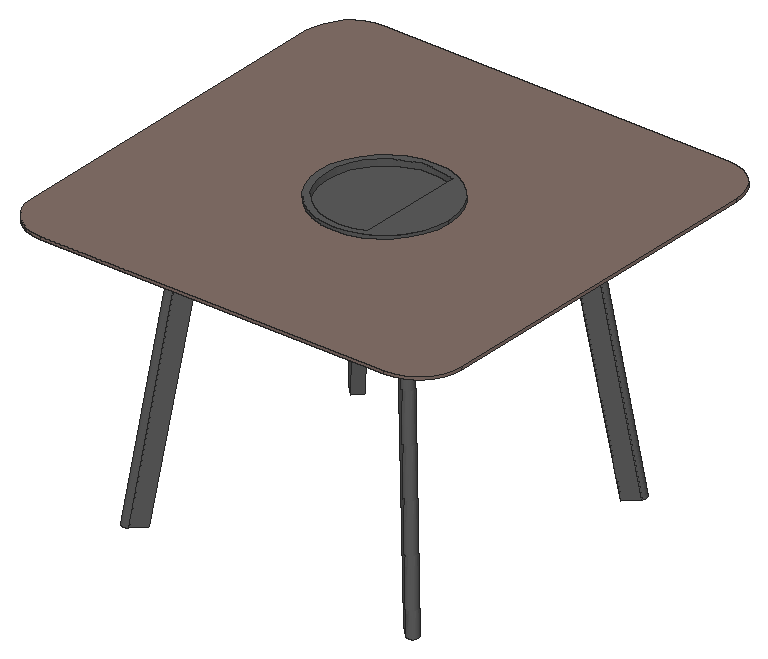
Revit family "Haworth_Immerse_SingleTable_Square", category Furniture Systems, Revit 2018
Family settings
  Round Connector Dimension = Use Diameter
  Part Type = Normal
  OmniClass Number = 23.40.70.14.64.21
  OmniClass Title = Systems Furniture
  Work Plane-Based = No
  Always vertical = Yes
  Cut with Voids When Loaded = No
  Shared = No
  Room Calculation Point = No
Parameters (values of type "60w 39h - Round Planter")
  Warranty = "http://www.haworth.com/resources/product-info/warranties"
  Void Diameter = 17.66"
  Void Baseline Height = 18"  # constant formula
  Understucture Thickness = 1 69/128"  # constant formula
  Understuctuer Bottom = Actual Height - 2 35/64"  # 36 29/64"
  Understructure Width = Actual Depth - (Understructure Inset * 2)  # 28 79/128"
  Understructure Inset = 15 177/256"  # constant formula
  Understructure Finish [instance] = Haworth _ Paint _ Black
  URL - Product = "http://www.haworth.com/products/tables/collaborative/immerse"
  Top Finish [instance] = Haworth _ Wood _ Walnut
  Standard Height = "29, 36, 39 in."  # constant formula
  Standard Diameter = "48, 60 in."  # constant formula
  Small = no
  Size = "Verify Final Dim w/ Haworth"  # constant formula
  Round Planter Void Height = if(and(Round Planter, Large), 24", 6")  # 24"
  Round Planter Actual = and(Round Planter, Large)  # yes
  Round Planter = yes
  Planter Finish [instance] = Haworth _ Paint _ Black
  Note = "Planter only available on 60\"w option"  # constant formula
  Model = "THRQ-6060"
  URL = "https://www.haworth.com/na/en.html"
  Revision Number = "1"  # constant formula
  Manufacturer = "Haworth"  # constant formula
  Leg Finish [instance] = Haworth _ Wood _ Ink On Ash
  Large = not(Small)  # yes
  Edge Offset = 2"  # constant formula
  Description = "Haworth Immerse Single Table Square - 60w 39h - Round Planter"
  Blend Bottom Diameter = Actual Depth - 4"  # 56"
  Author = "Haworth (Bentzen)"  # constant formula
  Assembly Code = "E2020200"
  Actual Height = if([39 in. Height], 39", if([36 in. Height], 36", 29"))  # 39"
  Actual Depth = if(Small, 48", 60")  # 60"
  39 in. Height = not(or([29 in. Height], [36 in. Height]))  # yes
  36 in. Height = no
  29 in. Height = no
Types (7): name | Understuctuer Bottom | Understructure Width | Small | Round Planter Void Height | Round Planter Actual | Round Planter | Model | Large | Description | Blend Bottom Diameter | Actual Height | Actual Depth | 39 in. Height | 36 in. Height | 29 in. Height
  (no name) | 36 29/64" | 28 79/128" | no | 24" | yes | yes | "THRQ-6060" | yes | "Haworth Immerse Single Table Square - 60w 39h - Round Planter" | 56" | 39" | 60" | yes | no | no
  48w 29h - No Planter | 26 29/64" | 16 79/128" | yes | 6" | no | no | "THRQ-4848" | no | "Haworth Immerse Single Table Square - 48w 29h - No Planter" | 44" | 29" | 48" | no | no | yes
  48w 36h - No Planter | 33 29/64" | 16 79/128" | yes | 6" | no | no | "THRQ-4848" | no | "Haworth Immerse Single Table Square - 48w 36h - No Planter" | 44" | 36" | 48" | no | yes | no
  48w 39h - No Planter | 36 29/64" | 16 79/128" | yes | 6" | no | no | "THRQ-4848" | no | "Haworth Immerse Single Table Square - 48w 39h - No Planter" | 44" | 39" | 48" | yes | no | no
  60w 29h - Round Planter | 26 29/64" | 28 79/128" | no | 24" | yes | yes | "THRQ-6060" | yes | "Haworth Immerse Single Table Square - 60w 29h - Round Planter" | 56" | 29" | 60" | no | no | yes
  60w 36h - Round Planter | 33 29/64" | 28 79/128" | no | 24" | yes | yes | "THRQ-6060" | yes | "Haworth Immerse Single Table Square - 60w 36h - Round Planter" | 56" | 36" | 60" | no | yes | no
  60w 39h - Round Planter | 36 29/64" | 28 79/128" | no | 24" | yes | yes | "THRQ-6060" | yes | "Haworth Immerse Single Table Square - 60w 39h - Round Planter" | 56" | 39" | 60" | yes | no | no
Reference planes (in)
  plane 1 "Center F/B": y = 18.84134
  plane 2 "Floor": z = 0
  plane 3 "Center L/R": x = -1.5
  plane 4 "Table Edge Left": x = -31.5
  plane 5 "Table Edge Right": x = 28.5
  plane 6 "Table Edge Front": y = -11.15866
  plane 7 "Table Edge Back": y = 48.84134
  plane 8 "Round Top": z = 39
  plane 9 "Round Mid": z = 38.62445
  plane 10 "Round Bottom": z = 37.81195
  plane 11 "Void Bottom": z = 18
  plane 12 "Upper Void Top": z = 42
  plane 13 "Understructure Bottom": z = 35.26446
  plane 14: x = -15.80859
  plane 15: y = 4.53275
  plane 16: x = 12.80859
  plane 17: y = 33.14993
  plane 18: x = -29.5
  plane 19: x = 26.5
  plane 20: y = 46.84134
  plane 21: y = -9.15866
Forms (in)
  Extrusion 1, solid, material "Haworth _ Wood _ Walnut" <- "Top Finish"
    sketch origin (136.55833, 98.8321, 29.12443) x (0, -1, 0) y (1, 0, 0)
      loop
        arc (49.99076, -162.05833) -> (51.74812, -166.30097) -> (55.99076, -168.05833) r 6
        line (55.99076, -168.05833) -> (103.99076, -168.05833)
        arc (103.99076, -168.05833) -> (108.2334, -166.30097) -> (109.99076, -162.05833) r 6
        line (109.99076, -162.05833) -> (109.99076, -114.05833)
        arc (109.99076, -114.05833) -> (108.2334, -109.81569) -> (103.99076, -108.05833) r 6
        line (103.99076, -108.05833) -> (55.99076, -108.05833)
        arc (55.99076, -108.05833) -> (51.74812, -109.81569) -> (49.99076, -114.05833) r 6
        line (49.99076, -114.05833) -> (49.99076, -162.05833)
    from 9.50002 to 9.87557
  Blend 2, solid, material "Haworth _ Wood _ Walnut" <- "Top Finish"
    base sketch origin (0, 0, 0) x (1, 0, 0) y (0, 1, 0)
      loop
        arc (-25.5, 46.84134) -> (-28.32843, 45.66977) -> (-29.5, 42.84134) r 4
        line (-29.5, 42.84134) -> (-29.5, -5.15866)
        arc (-29.5, -5.15866) -> (-28.32843, -7.98709) -> (-25.5, -9.15866) r 4
        line (-25.5, -9.15866) -> (22.5, -9.15866)
        arc (22.5, -9.15866) -> (25.32843, -7.98709) -> (26.5, -5.15866) r 4
        line (26.5, -5.15866) -> (26.5, 42.84134)
        arc (26.5, 42.84134) -> (25.32843, 45.66977) -> (22.5, 46.84134) r 4
        line (22.5, 46.84134) -> (-25.5, 46.84134)
    top sketch origin (0, 0, 0) x (1, 0, 0) y (0, 1, 0)
      loop
        arc (-25.5, 48.84134) -> (-29.74264, 47.08398) -> (-31.5, 42.84134) r 6
        line (-31.5, 42.84134) -> (-31.5, -5.15866)
        arc (-31.5, -5.15866) -> (-29.74264, -9.4013) -> (-25.5, -11.15866) r 6
        line (-25.5, -11.15866) -> (22.5, -11.15866)
        arc (22.5, -11.15866) -> (26.74264, -9.4013) -> (28.5, -5.15866) r 6
        line (28.5, -5.15866) -> (28.5, 42.84134)
        arc (28.5, 42.84134) -> (26.74264, 47.08398) -> (22.5, 48.84134) r 6
        line (22.5, 48.84134) -> (-25.5, 48.84134)
    from 37.81195 to 38.62445
  Extrusion 3, solid, material "Haworth _ Paint _ Black" <- "Understructure Finish"
    sketch origin (-105.91453, 59.76073, 0) x (-1, 0, 0) y (0, -1, 0)
      loop
        line (-118.72312, 28.14985) -> (-117.18406, 28.14985) -> (-117.18406, 55.22798) -> (-118.72312, 55.22798) -> (-118.72312, 28.14985)
    from 35.26446 to 37.81195
  Extrusion 4, solid, material "Haworth _ Paint _ Black" <- "Understructure Finish"
    sketch origin (39.41939, -85.57319, 0) x (0, -1, 0) y (1, 0, 0)
      loop
        line (-118.72312, -26.61079) -> (-118.72312, -55.22798) -> (-117.18406, -55.22798) -> (-117.18406, -26.61079) -> (-118.72312, -26.61079)
    from 35.26446 to 37.81195
  Extrusion 5, solid, material "Haworth _ Paint _ Black" <- "Understructure Finish"
    sketch origin (-34.61079, 112.5254, 0) x (0, 1, 0) y (-1, 0, 0)
      loop
        line (-107.99266, -18.8022) -> (-107.99266, -47.41939) -> (-106.45359, -47.41939) -> (-106.45359, -18.8022) -> (-107.99266, -18.8022)
    from 35.26446 to 37.81195
  Extrusion 6, solid, material "Haworth _ Paint _ Black" <- "Understructure Finish"
    sketch origin (102.91453, 59.76073, 0) x (1, 0, 0) y (0, 1, 0)
      loop
        line (-118.72312, -28.14985) -> (-118.72312, -53.68892) -> (-117.18406, -53.68892) -> (-117.18406, -28.14985) -> (-118.72312, -28.14985)
    from 35.26446 to 37.81195
  Extrusion 7, void
    sketch origin (-2.94144, 43.49318, 18) x (1, 0, 0) y (0, 1, 0)
      loop
        line (5.61887, -32.52387) -> (5.61887, -29.65184) -> (8.9046, -29.65184)
        arc (8.9046, -29.65184) -> (10.33, -24.84134) -> (8.9046, -20.03084) r 8.83
        line (8.9046, -20.03084) -> (5.61887, -20.03084) -> (5.61887, -16.7798)
        arc (5.61887, -16.7798) -> (-7.21113, -24.65184) -> (5.61887, -32.52387) r 8.83
    from 0 to 24
Cuts and joins
  Extrusion 7 cuts Extrusion 1
  Extrusion 7 cuts Blend 2
  joined: Extrusion 3, Extrusion 4, Extrusion 5, Extrusion 6
Lines and regions (in)
  Masking region 1
    outline origin (3.02956, -0.91252, 0) x (1, 0, 0) y (0, 1, 0)
      loop
        arc (-28.52956, 49.75386) -> (-32.7722, 47.99651) -> (-34.52956, 43.75386) r 6
        line (-34.52956, 43.75386) -> (-34.52956, -4.24614)
        arc (-34.52956, -4.24614) -> (-32.7722, -8.48878) -> (-28.52956, -10.24614) r 6
        line (-28.52956, -10.24614) -> (19.47044, -10.24614)
        arc (19.47044, -10.24614) -> (23.71308, -8.48878) -> (25.47044, -4.24614) r 6
        line (25.47044, -4.24614) -> (25.47044, 43.75386)
        arc (25.47044, 43.75386) -> (23.71308, 47.99651) -> (19.47044, 49.75386) r 6
        line (19.47044, 49.75386) -> (-28.52956, 49.75386)
  symbolic lines, style "Haworth Hidden", detail levels fine
    curve 1: line (11.68876, 33.14993, 0) -> (-14.68876, 33.14993, 0)
    curve 2: line (-14.26953, 31.61087, 0) -> (11.26953, 31.61087, 0)
    curve 3: line (-15.80859, 32.0334, 0) -> (-15.80859, 5.64928, 0)
    curve 4: line (-14.26953, 6.07181, 0) -> (-14.26953, 31.61087, 0)
    curve 5: line (11.26953, 6.07181, 0) -> (-14.26953, 6.07181, 0)
    curve 6: line (-14.68876, 4.53275, 0) -> (11.68876, 4.53275, 0)
    curve 7: line (11.26953, 31.61087, 0) -> (11.26953, 6.07181, 0)
    curve 8: line (12.80859, 5.64928, 0) -> (12.80859, 32.0334, 0)
    curve 9: line (-14.68876, 33.14993, 0) -> (-20.8178, 39.27897, 0)
    curve 10: line (-15.80859, 32.0334, 0) -> (-21.93598, 38.16079, 0)
    curve 11: arc (-20.8178, 39.27897, 0) -> (-21.93598, 39.27897, 0) -> (-21.93598, 38.16079, 0) r 0.79068
    curve 12: line (11.68876, 33.14993, 0) -> (17.8178, 39.27897, 0)
    curve 13: line (12.80859, 32.0334, 0) -> (18.93598, 38.16079, 0)
    curve 14: arc (17.8178, 39.27897, 0) -> (18.93598, 39.27897, 0) -> (18.93598, 38.16079, 0) r 0.79068
    curve 15: line (11.68876, 4.53275, 0) -> (17.8178, -1.59629, 0)
    curve 16: line (12.80859, 5.64928, 0) -> (18.93598, -0.47811, 0)
    curve 17: arc (17.8178, -1.59629, 0) -> (18.93598, -1.59629, 0) -> (18.93598, -0.47811, 0) r 0.79068
    curve 18: line (-14.68876, 4.53275, 0) -> (-20.8178, -1.59629, 0)
    curve 19: line (-15.80859, 5.64928, 0) -> (-21.93598, -0.47811, 0)
    curve 20: arc (-20.8178, -1.59629, 0) -> (-21.93598, -1.59629, 0) -> (-21.93598, -0.47811, 0) r 0.79068
Dimensions and locks (in)
  "Actual Depth": plane 7 "Table Edge Back" to plane 6 "Table Edge Front"
  "Actual Depth": plane 4 "Table Edge Left" to plane 5 "Table Edge Right"
  equal spacing: plane 4 "Table Edge Left", plane 3 "Center L/R", plane 5 "Table Edge Right"
  equal spacing: plane 7 "Table Edge Back", plane 1 "Center F/B", plane 6 "Table Edge Front"
  "Actual Height": plane 8 "Round Top" to level
  "Void Baseline Height": plane 11 "Void Bottom" to plane 2 "Floor"
  "Round Planter Void Height": plane 12 "Upper Void Top" to plane 11 "Void Bottom"
  locked: plane 9 "Round Mid" to plane 10 "Round Bottom" at 0.8125
  locked: plane 8 "Round Top" to plane 9 "Round Mid" at 0.37555
  locked: plane 10 "Round Bottom" to plane 13 "Understructure Bottom" at 2.54748
  "Understructure Inset": plane 4 "Table Edge Left" to plane 14
  "Understucture Thickness": Extrusion 3 to Extrusion 3
  "Understucture Thickness": Extrusion 4 to Extrusion 4
  "Understucture Thickness": Extrusion 5 to Extrusion 5
  "Understucture Thickness": Extrusion 6 to Extrusion 6
  "Understructure Inset": plane 6 "Table Edge Front" to plane 15
  "Understructure Inset": plane 7 "Table Edge Back" to plane 17
  "Understructure Inset": plane 16 to plane 5 "Table Edge Right"
  "Edge Offset": plane 7 "Table Edge Back" to plane 20
  "Edge Offset": plane 21 to plane 6 "Table Edge Front"
  "Edge Offset": plane 4 "Table Edge Left" to plane 18
  "Edge Offset": plane 19 to plane 5 "Table Edge Right"
  "Understructure Width": Extrusion 4 to Extrusion 4
  "Understructure Width": Extrusion 5 to Extrusion 5
  Extrusion 3 to Extrusion 3 = 27 5/64"
  "Void Diameter": diameter of Extrusion 7
  aligned and locked: Extrusion 1 to plane 8 "Round Top"
  aligned and locked: plane 9 "Round Mid" to Extrusion 1
  aligned and locked: Blend 2 to plane 9 "Round Mid"
  aligned and locked: plane 10 "Round Bottom" to Blend 2
  aligned and locked: nested 1 to plane 14
  aligned and locked: nested 1 to plane 15
  aligned and locked: plane 14 to nested 3
  aligned and locked: plane 17 to nested 3
  aligned and locked: nested 4 to plane 16
  aligned and locked: nested 4 to plane 17
  aligned and locked: plane 15 to nested 2
  aligned and locked: plane 16 to nested 2
  aligned and locked: Extrusion 6 to plane 14
  aligned and locked: Extrusion 6 to Extrusion 6  (x3)
  aligned and locked: Extrusion 4 to Extrusion 4  (x2)
  aligned and locked: Extrusion 3 to Extrusion 3  (x2)
  aligned and locked: Extrusion 5 to Extrusion 5
  aligned and locked: Extrusion 7 sketch curve to plane 1 "Center F/B"
  aligned and locked: Extrusion 7 to plane 12 "Upper Void Top"
  aligned and locked: Extrusion 5 to plane 10 "Round Bottom"
  aligned and locked: Extrusion 4 to plane 10 "Round Bottom"
  aligned and locked: Extrusion 6 to plane 10 "Round Bottom"
  aligned and locked: Extrusion 3 to plane 10 "Round Bottom"
  aligned and locked: Extrusion 5 to plane 13 "Understructure Bottom"
  aligned and locked: Extrusion 4 to plane 13 "Understructure Bottom"
  aligned and locked: Extrusion 6 to plane 13 "Understructure Bottom"
  aligned and locked: Extrusion 3 to plane 13 "Understructure Bottom"
  aligned and locked: plane 3 "Center L/R" to nested 5
  aligned and locked: nested 5 to plane 1 "Center F/B"
  aligned and locked: plane 8 "Round Top" to nested 5
  aligned and locked: plane 4 "Table Edge Left" to Masking region 1 sketch curve
  aligned and locked: Masking region 1 sketch curve to plane 7 "Table Edge Back"
  aligned and locked: Masking region 1 sketch curve to plane 5 "Table Edge Right"
  aligned and locked: plane 6 "Table Edge Front" to Masking region 1 sketch curve
  aligned and locked: plane 4 "Table Edge Left" to Extrusion 1 sketch curve
  aligned and locked: plane 6 "Table Edge Front" to Extrusion 1 sketch curve
  aligned and locked: Extrusion 1 sketch curve to plane 5 "Table Edge Right"
  aligned and locked: Extrusion 1 sketch curve to plane 7 "Table Edge Back"
  aligned and locked: plane 4 "Table Edge Left" to Blend 2 sketch curve
  aligned and locked: plane 6 "Table Edge Front" to Blend 2 sketch curve
  aligned and locked: Blend 2 sketch curve to plane 5 "Table Edge Right"
  aligned and locked: Blend 2 sketch curve to plane 7 "Table Edge Back"
  aligned and locked: Blend 2 sketch curve to plane 20
  aligned and locked: plane 18 to Blend 2 sketch curve
  aligned and locked: Blend 2 sketch curve to plane 21
  aligned and locked: Blend 2 sketch curve to plane 19
  aligned and locked: plane 15 to Extrusion 5
  aligned and locked: Extrusion 5 to plane 14
  aligned and locked: Extrusion 5 to plane 16
  aligned and locked: Extrusion 4 to plane 14
  aligned and locked: Extrusion 4 to plane 16
  aligned and locked: Extrusion 3 to curve 8
Automatic sketch dimensions
  plane 3 "Center L/R" to Extrusion 7 sketch curve = 0.05856"
  plane 3 "Center L/R" to Extrusion 7 sketch curve = 4.17742"  (x2)
  Extrusion 7 sketch curve to Extrusion 7 sketch curve = 3.28573"  (x2)
  plane 1 "Center F/B" to Extrusion 7 sketch curve = 0.1895"
  plane 1 "Center F/B" to Extrusion 7 sketch curve = 5"
  Extrusion 7 sketch curve to Extrusion 7 sketch curve = 2.87203"
  plane 3 "Center L/R" to Extrusion 7 sketch curve = 0.17742"
  plane 4 "Table Edge Left" to Masking region 1 sketch curve = 6"  (x2)
  Masking region 1 sketch curve to plane 5 "Table Edge Right" = 6"  (x2)
  Extrusion 1 sketch curve to plane 20 = 4"  (x2)
  Extrusion 1 sketch curve to plane 21 = 4"
  plane 18 to Extrusion 1 sketch curve = 4"
  plane 18 to Blend 2 sketch curve = 4"  (x3)
  plane 19 to Blend 2 sketch curve = 4"  (x3)
  Blend 2 sketch curve to Blend 2 sketch curve = 4"  (x2)
  plane 15 to Extrusion 3 sketch curve = 0"
  Extrusion 3 sketch curve to plane 16 = 0"
  Extrusion 3 sketch curve to Extrusion 3 sketch curve = 1 69/128"
  plane 17 to Extrusion 3 sketch curve = 1 69/128"
  Extrusion 4 sketch curve to plane 14 = 0"
  Extrusion 4 sketch curve to plane 17 = 0"
  Extrusion 4 sketch curve to plane 16 = 0"
  Extrusion 4 sketch curve to Extrusion 4 sketch curve = 1 69/128"
  plane 15 to Extrusion 5 sketch curve = 0"
  Extrusion 5 sketch curve to plane 14 = 0"
  Extrusion 5 sketch curve to plane 16 = 0"
  Extrusion 5 sketch curve to plane 15 = 1 69/128"
  Extrusion 6 sketch curve to plane 14 = 0"
  plane 14 to Extrusion 6 sketch curve = 1 69/128"
  Extrusion 6 sketch curve to plane 15 = 1 69/128"
  Extrusion 6 sketch curve to plane 17 = 1 69/128"
  curve 19 to plane 14 = 0"
  plane 15 to curve 6 = 0"
  curve 1 to plane 17 = 0"
  curve 9 to plane 14 = 5.0092"
  curve 18 to plane 14 = 5.0092"
  curve 20 to curve 20 = 0.55909"  (x2)
  curve 11 to curve 11 = 0.55909"
  curve 10 to curve 11 = 0.55909"  (x2)
  curve 19 to curve 20 = 0.55909"
  plane 14 to curve 6 = 1.11984"
  plane 14 to curve 1 = 1.11984"
  plane 14 to curve 2 = 1 69/128"
  plane 16 to curve 7 = 1 69/128"
  plane 16 to curve 6 = 1.11984"
  plane 16 to curve 12 = 1.11984"
  curve 15 to plane 16 = 5.0092"
  curve 12 to plane 16 = 5.0092"
  curve 17 to curve 17 = 0.55909"  (x2)
  curve 14 to curve 14 = 0.55909"
  curve 17 to curve 16 = 0.55909"
  curve 14 to curve 13 = 0.55909"
  plane 15 to curve 16 = 5.01085"
  plane 15 to curve 19 = 5.01085"
  curve 8 to plane 15 = 1.11653"
  curve 5 to plane 15 = 1 69/128"
  curve 4 to plane 17 = 1 69/128"
  curve 3 to plane 17 = 1.11653"
  curve 8 to plane 17 = 1.11653"
  plane 17 to curve 10 = 5.01085"
  plane 17 to curve 13 = 5.01085"
  curve 13 to curve 14 = 0.55909"
  curve 3 to plane 15 = 1.11653"
Nested families (in)
  nested 1: "Haworth_Immerse_SingleTable_Leg_Part" at (-6.08847, -6.0891, 0), Understructure Finish <- "Understructure Finish", Leg Finish <- "Leg Finish", type "Leg"
    with Understructure Finish Haworth _ Paint _ Black, Leg Finish Haworth _ Wood _ Ink On Ash
  nested 2: "Haworth_Immerse_SingleTable_Leg_Part" at (3.08847, -6.0891, 0) x (-1, 0, 0) z (0, 0, 1), Understructure Finish <- "Understructure Finish", Leg Finish <- "Leg Finish", type "Leg"
    with Understructure Finish Haworth _ Paint _ Black, Leg Finish Haworth _ Wood _ Ink On Ash
  nested 3: "Haworth_Immerse_SingleTable_Leg_Part" at (-6.08847, 43.77178, 0), Understructure Finish <- "Understructure Finish", Leg Finish <- "Leg Finish", type "Leg"
    with Understructure Finish Haworth _ Paint _ Black, Leg Finish Haworth _ Wood _ Ink On Ash
  nested 4: "Haworth_Immerse_SingleTable_Leg_Part" at (3.08847, 43.77178, 0) x (-1, 0, 0) z (0, 0, 1), Understructure Finish <- "Understructure Finish", Leg Finish <- "Leg Finish", type "Leg"
    with Understructure Finish Haworth _ Paint _ Black, Leg Finish Haworth _ Wood _ Ink On Ash
  nested 5: "Haworth_Immerse_Planter_Round" at (39, 30, 9.50002), Planter Finish <- "Planter Finish", visible <- "Round Planter Actual", type "EHPR"
    with Planter Finish Haworth _ Paint _ Black
Definition of nested family "Haworth_Immerse_SingleTable_Leg_Part"
  Parameters (values of type "Leg")
    Warranty = "http://www.haworth.com/product-info/warranties"
    Understuctuer Bottom = Actual Height - 2 35/64"  # 36 29/64"
    Understructure Finish [instance] = none
    URL - Product = "http://www.haworth.com/products/tables/collaborative/immerse"
    Standard Height = "29, 36, 39 in."  # constant formula
    Standard Diameter = "48, 60 in."  # constant formula
    Size = "Verify Final Dim w/ Haworth"  # constant formula
    Model = ""
    URL = "http://www.haworth.com/"
    Revision Number = "1"  # constant formula
    Manufacturer = "Haworth"  # constant formula
    Leg Finish [instance] = none
    Description = "Haworth Immerse Single Table Single Leg"
    Author = "Haworth (Bentzen)"  # constant formula
    Assembly Code = "E2020200"
    Actual Height = 39"
    Actual Depth = 48"  # constant formula
  Reference planes (in)
    plane 1 "Floor": z = 0
    plane 2 "Round Top": z = 39
    plane 3 "Round Mid": z = 38.62445
    plane 4 "Round Bottom": z = 37.81195
    plane 5 "Understructure Bottom": z = 35.26446
    plane 6: y = 10.62184
    plane 7: x = -9.72012
  Forms (in)
    Blend 1, solid, material <- "Leg Finish"
      base sketch origin (-307.08785, -76.3313, 0) x (1, 0, 0) y (0, 1, 0)
        loop
          line (292.80658, 83.4847) -> (291.2243, 81.90243)
          arc (291.2243, 81.90243) -> (291.2243, 80.80641) -> (292.32032, 80.80641) r 0.775
          line (292.32032, 80.80641) -> (293.90259, 82.38869) -> (292.80658, 83.4847)
      top sketch origin (-307.08785, -76.3313, 0) x (1, 0, 0) y (0, 1, 0)
        loop
          line (297.39155, 88.06968) -> (295.6378, 86.31593)
          arc (295.6378, 86.31593) -> (295.6378, 85.21991) -> (296.73382, 85.21991) r 0.775
          line (296.73382, 85.21991) -> (298.48757, 86.97366) -> (297.39155, 88.06968)
      from 0 to 37.81195
  Lines and regions (in)
    symbolic lines, detail levels fine
      curve 1: line (-9.72012, 11.71456, 0) -> (-15.86355, 5.57112, 0)
      curve 2: arc (-14.76754, 4.47511, 0) -> (-15.86355, 4.47511, 0) -> (-15.86355, 5.57112, 0) r 0.775
      curve 3: line (-14.76754, 4.47511, 0) -> (-8.6208, 10.62184, 0)
      curve 4: line (-9.72012, 11.71456, 0) -> (-15.86355, 5.57112, 0)
  Dimensions and locks (in)
    "Actual Height": plane 2 "Round Top" to level
    locked: plane 3 "Round Mid" to plane 4 "Round Bottom" at 0.8125
    locked: plane 2 "Round Top" to plane 3 "Round Mid" at 0.37555
    plane 4 "Round Bottom" to plane 5 "Understructure Bottom" = 2.54748"
    level to Blend 1 = 37.81195"
    aligned and locked: Blend 1 to plane 4 "Round Bottom"
    aligned and locked: Blend 1 to level
  Automatic sketch dimensions
    Blend 1 sketch curve to Blend 1 sketch curve = 0.54801"  (x6)
    Blend 1 sketch curve to Blend 1 sketch curve = 1.58228"
    Blend 1 sketch curve to Blend 1 sketch curve = 1.09601"
    Blend 1 sketch curve to Blend 1 sketch curve = 1.75375"
    Blend 1 sketch curve to Blend 1 sketch curve = 1.09602"
    plane 7 to Blend 1 sketch curve = 6.14343"
    Blend 1 sketch curve to plane 6 = 1.73324"
    Blend 1 sketch curve to plane 6 = 6.14674"
    plane 7 to Blend 1 sketch curve = 1.72993"
    plane 7 to curve 1 = 6.14343"
    curve 2 to curve 2 = 0.54801"  (x2)
    curve 2 to plane 6 = 5.59873"
    curve 2 to curve 1 = 0.54801"
    plane 6 to curve 1 = 1.09271"
    plane 6 to curve 3 = 0"
    curve 3 to plane 7 = 1.09932"
    curve 4 to plane 7 = 0"
Definition of nested family "Haworth_Immerse_Planter_Round"
  Parameters
    Warranty = "http://www.haworth.com/product-info/warranties"
    URL - Product = "http://www.haworth.com/products/tables/collaborative/immerse"
    Planter Finish [instance] = none
    Model = "EHPR"
    URL = "http://www.haworth.com/"
    Revision Number = "1"  # constant formula
    Manufacturer = "Haworth"  # constant formula
    Description = "Haworth Immerse Planter Round"
    Author = "Haworth (Hampton)"  # constant formula
    Assembly Code = "E2020200"
  Reference planes (in)
    plane 1 "Floor": z = 0
    plane 2 "Center L/R": x = -40.5
    plane 3 "Center": y = -11.15866
    plane 4 "Surface Top": z = 29.49998
    plane 5 "Side Bottom": z = 28.74998
    plane 6: x = -49.50001
    plane 7: x = -31.50001
    plane 8: y = -2.15866
    plane 9: y = -20.15866
    plane 10 "Center Bottom": z = 25.548
    plane 11 "Planter Top": z = 30.24998
  Forms (in)
    Extrusion 1, solid, material <- "Planter Finish"
      sketch origin (0, 0, 35.87445) x (0, -1, 0) y (1, 0, 0)
        loop
          circle (11.15866, -40.5) r 9
      from -6.37446 to -5.93901
    Extrusion 2, solid, material <- "Planter Finish"
      sketch origin (0, 0, 35.87445) x (0, -1, 0) y (1, 0, 0)
        loop
          line (18.52386, -36.40146) -> (3.79346, -36.40145)
          arc (3.79346, -36.40145) -> (3.45471, -36.50121) -> (3.22411, -36.76865) r 0.625
          arc (3.22411, -36.76865) -> (11.15865, -49.07145) -> (19.09321, -36.76866) r 8.71005
          arc (19.09321, -36.76866) -> (18.86261, -36.50122) -> (18.52386, -36.40146) r 0.625
      from -7.12446 to -6.37446
    Extrusion 3, void
      sketch origin (0, 0, 35.87445) x (0, -1, 0) y (1, 0, 0)
        loop
          arc (3.79346, -36.90145) -> (3.72571, -36.92141) -> (3.67959, -36.97489) r 0.125
          arc (3.67959, -36.97489) -> (11.15865, -48.57145) -> (18.63773, -36.9749) r 8.21005
          arc (18.63773, -36.9749) -> (18.59161, -36.92141) -> (18.52386, -36.90146) r 0.125
          line (18.52386, -36.90146) -> (3.79346, -36.90145)
      from -6.82746 to -5.62446
  Cuts and joins
    Extrusion 3 cuts Extrusion 1
    Extrusion 3 cuts Extrusion 2
    joined: Extrusion 1, Extrusion 2
  Lines and regions (in)
    Masking region 1
      outline origin (0, 0, 35.87445) x (0, -1, 0) y (1, 0, 0)
        loop
          circle (11.15866, -40.5) r 9
  Dimensions and locks (in)
    plane 9 to plane 3 "Center" to plane 8 = 9", 9"
    plane 6 to plane 2 "Center L/R" to plane 7 = 9", 9"
    aligned and locked: plane 4 "Surface Top" to Extrusion 1
    aligned and locked: plane 5 "Side Bottom" to Extrusion 2
    aligned and locked: Extrusion 2 to plane 4 "Surface Top"
    aligned and locked: Extrusion 3 to plane 11 "Planter Top"
